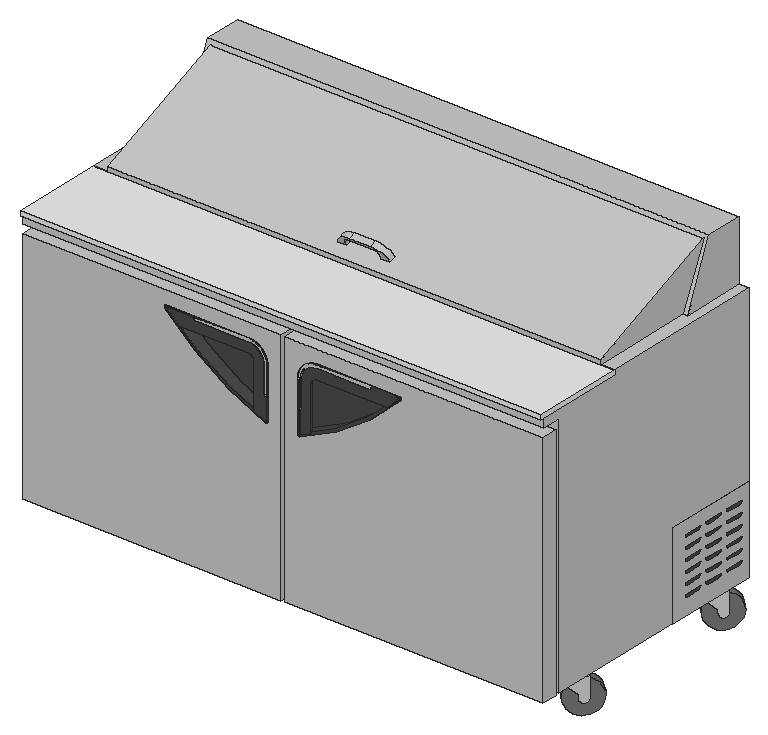
Revit family "QF_Turbo Air_TST-60SD658ab2ba-0372-4836-8cd9-a526e8560eb1", category Specialty Equipment, Revit 2012
Parameters
  Weight in Pounds = 316
  Watermarked By = "http://revitwatermark.com"
  Volts = 115 V
  URL Cutsheet = ""
  URL = "www.turboairinc.com"
  Status [instance] = ""
  Specification by User [instance] = ""
  Specification by Manufacturer [instance] = ""
  Serial Number [instance] = ""
  Revision Code [instance] = ""
  Phase = 1
  Number of Poles [instance] = 1
  NAFEM Spec ID Number [instance] = ""
  Model = "TST-60SD"
  Masterspec [instance] = ""
  Manufacturer = "Turbo Air"  # constant formula
  Legs [instance] = [6 inch Legs]  # no
  Item Number [instance] = "-"
  Installed By [instance] = ""
  HP = "1/2"
  Furnished By [instance] = ""
  Foodservice Equipment Identifier = yes
  FL Amps = 8.9 A
  Electrical Remarks [instance] = ""
  Electric Connection Type [instance] = ""
  Elec Conn RI Height [instance] = 0' - 0"
  Elec Conn Connection Height = 1' - 0"
  Description = "Sandwich/Salad Unit"
  Cycle = 60 Hz
  Conn Plug = "NEMA 5-15P"
  Casters [instance] = not(Legs)  # yes
  CasterLeg Height [instance] = if([4 inch Casters], 0' 5", if([5 inch Casters], 0' 5 3/4", if([2_5 inch Casters], 0' 3 3/8", 0' 6")))  # 0' - 5"
  CSI MasterFormat = "11 41 13"
  Assembly Code = "E1090320"
  Apparent Power = if(Phase = 3, Volts * FL Amps * 1.73, Volts * FL Amps)  # 1023.5 VA
  6 inch Legs [instance] = no
  5 inch Casters [instance] = no
  4 inch Casters [instance] = yes
  2_5 inch Casters [instance] = no
Reference planes (in)
  plane 1 "BACK": y = 0
  plane 2: z = 0
  plane 3 "LEFT": x = -20.78844
  plane 4 "Bottom": z = 5
  plane 5 "Back Stops": y = 1
  plane 6 "RIGHT": x = 39.46156
  plane 7 "Front of Lid": y = -19.375
  plane 8 "FRONT": y = -30
  plane 9 "Door Clearance": y = -57.75
  plane 10 "Back of Door": y = -27.875
  plane 11 "Front of Box": y = -27.375
  plane 12 "Counter Top": z = 35
  plane 13 "TOP": z = 42
  plane 14 "Top of Door": z = 32.5
  plane 15 "Bottom of Cutting Board": z = 34.5
  plane 16 "Handle LR": x = 9.33656
  plane 17 "Lid Clearance": z = 45.5
  plane 18 "Left Lid Cover": x = -19.66344
  plane 19 "Right of Lid Cover": x = 38.33656
  plane 20 "Left of Lid": x = -19.16344
  plane 21 "Right of Lid": x = 37.83656
  plane 22 "Left of Right Door": x = 9.52406
  plane 23 "Right of Left Door": x = 9.14906
Forms (in)
  Extrusion 1, solid, material "QF_Finishes_Stainless Steel"
    sketch origin (-20.78844, 0, 0) x (0, 1, 0) y (0, 0, 1)
      loop
        line (0, 5) -> (0, 35) -> (-19.375, 35) -> (-19.375, 34.5) -> (-29.625, 34.5) -> (-29.625, 33.5) -> (-27.375, 33.5) -> (-27.375, 5) -> (0, 5)
    from 0 to 60.25
  Extrusion 2, solid, material "QF_Finishes_Black"
    sketch origin (0, -27.375, 0) x (1, 0, 0) y (0, 0, 1)
      loop
        line (-19.78844, 31.5) -> (-19.78844, 6) -> (8.14906, 6) -> (8.14906, 31.5) -> (-19.78844, 31.5)
      loop
        line (38.46156, 6) -> (38.46156, 31.5) -> (10.52406, 31.5) -> (10.52406, 6) -> (38.46156, 6)
    from 0 to 0.5
  Extrusion 3, solid, material "QF_Finishes_Stainless Steel"
    sketch origin (-19.66344, 0, 0) x (0, 1, 0) y (0, 0, 1)
      loop
        line (0, 35) -> (0, 42) -> (-4.25, 42) -> (-7.375, 35) -> (0, 35)
    from 0 to 58
  Extrusion 4, solid, material "QF_Finishes_White"
    sketch origin (0, 0, 34.5) x (0, 1, 0) y (-1, 0, 0)
      loop
        line (-19.375, 20.78844) -> (-30, 20.78844) -> (-30, -39.46156) -> (-19.375, -39.46156) -> (-19.375, 20.78844)
    from 0 to 0.5
  Extrusion 5, solid, material "QF_Finishes_Stainless Steel"
    sketch origin (-19.16344, 0, 0) x (0, 1, 0) y (0, 0, 1)
      loop
        line (-19.375, 35) -> (-7.375, 35) -> (-4.45383, 41.54343) -> (-19.375, 35.5) -> (-19.375, 35)
    from 0 to 57
  Extrusion 6, solid, material "QF_Finishes_Stainless Steel"
    sketch origin (-8.25, -2.56728, -1.00345) x (1, 0, 0) y (0, -0.375401, 0.926862)
      loop
        line (19.58656, 40.14331) -> (20.58656, 40.14331)
        arc (20.58656, 40.14331) -> (19.91185, 41.04872) -> (18.83656, 41.39331) r 1.85
        line (18.83656, 41.39331) -> (16.33656, 41.39331)
        arc (16.33656, 41.39331) -> (15.26127, 41.04872) -> (14.58656, 40.14331) r 1.85
        line (14.58656, 40.14331) -> (15.58656, 40.14331) -> (15.58656, 40.64331)
        arc (15.58656, 40.64331) -> (15.73301, 40.99687) -> (16.08656, 41.14331) r 0.5
        line (16.08656, 41.14331) -> (19.08656, 41.14331)
        arc (19.08656, 41.14331) -> (19.44011, 40.99687) -> (19.58656, 40.64331) r 0.5
        line (19.58656, 40.64331) -> (19.58656, 40.14331)
    from -0.375 to 0.375
  Extrusion 7, solid, material "QF_Finishes_Clearances", detail levels coarse
    sketch origin (-19.16344, 0, 0) x (0, 1, 0) y (0, 0, 1)
      loop
        arc (-9.375, 45.5) -> (-16.44607, 42.57107) -> (-19.375, 35.5) r 10
        line (-19.375, 35.5) -> (-4.45383, 41.54343) -> (-8.87792, 45.446) -> (-9.375, 45.5)
    from 0 to 57
  Extrusion 8, void
    sketch origin (39.46156, 0, 0) x (0, 1, 0) y (0, 0, 1)
      loop
        line (0, 5) -> (0, 15) -> (-11, 15) -> (-11, 5) -> (0, 5)
    from 0 to -1
  Extrusion 9, solid, material "QF_Finishes_Stainless Steel"
    sketch origin (39.46156, 0, 0) x (0, 1, 0) y (0, 0, 1)
      loop
        line (-10.875, 14.875) -> (-10.875, 5) -> (0, 5) -> (0, 14.875) -> (-10.875, 14.875)
      loop
        arc (-9.25, 13.5) -> (-9.10355, 13.14645) -> (-8.75, 13) r 0.5
        line (-8.75, 13) -> (-7.25, 13)
        arc (-7.25, 13) -> (-6.89645, 13.14645) -> (-6.75, 13.5) r 0.5
        line (-6.75, 13.5) -> (-9.25, 13.5)
      loop
        arc (-6.25, 13.5) -> (-6.10355, 13.14645) -> (-5.75, 13) r 0.5
        line (-5.75, 13) -> (-4.25, 13)
        arc (-4.25, 13) -> (-3.89645, 13.14645) -> (-3.75, 13.5) r 0.5
        line (-3.75, 13.5) -> (-6.25, 13.5)
      loop
        arc (-3.25, 13.5) -> (-3.10355, 13.14645) -> (-2.75, 13) r 0.5
        line (-2.75, 13) -> (-1.25, 13)
        arc (-1.25, 13) -> (-0.89645, 13.14645) -> (-0.75, 13.5) r 0.5
        line (-0.75, 13.5) -> (-3.25, 13.5)
      loop
        arc (-9.25, 12.25) -> (-9.10355, 11.89645) -> (-8.75, 11.75) r 0.5
        line (-8.75, 11.75) -> (-7.25, 11.75)
        arc (-7.25, 11.75) -> (-6.89645, 11.89645) -> (-6.75, 12.25) r 0.5
        line (-6.75, 12.25) -> (-9.25, 12.25)
      loop
        arc (-6.25, 12.25) -> (-6.10355, 11.89645) -> (-5.75, 11.75) r 0.5
        line (-5.75, 11.75) -> (-4.25, 11.75)
        arc (-4.25, 11.75) -> (-3.89645, 11.89645) -> (-3.75, 12.25) r 0.5
        line (-3.75, 12.25) -> (-6.25, 12.25)
      loop
        arc (-3.25, 12.25) -> (-3.10355, 11.89645) -> (-2.75, 11.75) r 0.5
        line (-2.75, 11.75) -> (-1.25, 11.75)
        arc (-1.25, 11.75) -> (-0.89645, 11.89645) -> (-0.75, 12.25) r 0.5
        line (-0.75, 12.25) -> (-3.25, 12.25)
      loop
        arc (-9.25, 11) -> (-9.10355, 10.64645) -> (-8.75, 10.5) r 0.5
        line (-8.75, 10.5) -> (-7.25, 10.5)
        arc (-7.25, 10.5) -> (-6.89645, 10.64645) -> (-6.75, 11) r 0.5
        line (-6.75, 11) -> (-9.25, 11)
      loop
        arc (-6.25, 11) -> (-6.10355, 10.64645) -> (-5.75, 10.5) r 0.5
        line (-5.75, 10.5) -> (-4.25, 10.5)
        arc (-4.25, 10.5) -> (-3.89645, 10.64645) -> (-3.75, 11) r 0.5
        line (-3.75, 11) -> (-6.25, 11)
      loop
        arc (-3.25, 11) -> (-3.10355, 10.64645) -> (-2.75, 10.5) r 0.5
        line (-2.75, 10.5) -> (-1.25, 10.5)
        arc (-1.25, 10.5) -> (-0.89645, 10.64645) -> (-0.75, 11) r 0.5
        line (-0.75, 11) -> (-3.25, 11)
      loop
        arc (-9.25, 9.75) -> (-9.10355, 9.39645) -> (-8.75, 9.25) r 0.5
        line (-8.75, 9.25) -> (-7.25, 9.25)
        arc (-7.25, 9.25) -> (-6.89645, 9.39645) -> (-6.75, 9.75) r 0.5
        line (-6.75, 9.75) -> (-9.25, 9.75)
      loop
        arc (-6.25, 9.75) -> (-6.10355, 9.39645) -> (-5.75, 9.25) r 0.5
        line (-5.75, 9.25) -> (-4.25, 9.25)
        arc (-4.25, 9.25) -> (-3.89645, 9.39645) -> (-3.75, 9.75) r 0.5
        line (-3.75, 9.75) -> (-6.25, 9.75)
      loop
        arc (-3.25, 9.75) -> (-3.10355, 9.39645) -> (-2.75, 9.25) r 0.5
        line (-2.75, 9.25) -> (-1.25, 9.25)
        arc (-1.25, 9.25) -> (-0.89645, 9.39645) -> (-0.75, 9.75) r 0.5
        line (-0.75, 9.75) -> (-3.25, 9.75)
      loop
        arc (-9.25, 8.5) -> (-9.10355, 8.14645) -> (-8.75, 8) r 0.5
        line (-8.75, 8) -> (-7.25, 8)
        arc (-7.25, 8) -> (-6.89645, 8.14645) -> (-6.75, 8.5) r 0.5
        line (-6.75, 8.5) -> (-9.25, 8.5)
      loop
        arc (-6.25, 8.5) -> (-6.10355, 8.14645) -> (-5.75, 8) r 0.5
        line (-5.75, 8) -> (-4.25, 8)
        arc (-4.25, 8) -> (-3.89645, 8.14645) -> (-3.75, 8.5) r 0.5
        line (-3.75, 8.5) -> (-6.25, 8.5)
      loop
        arc (-3.25, 8.5) -> (-3.10355, 8.14645) -> (-2.75, 8) r 0.5
        line (-2.75, 8) -> (-1.25, 8)
        arc (-1.25, 8) -> (-0.89645, 8.14645) -> (-0.75, 8.5) r 0.5
        line (-0.75, 8.5) -> (-3.25, 8.5)
      loop
        arc (-9.25, 7.25) -> (-9.10355, 6.89645) -> (-8.75, 6.75) r 0.5
        line (-8.75, 6.75) -> (-7.25, 6.75)
        arc (-7.25, 6.75) -> (-6.89645, 6.89645) -> (-6.75, 7.25) r 0.5
        line (-6.75, 7.25) -> (-9.25, 7.25)
      loop
        arc (-6.25, 7.25) -> (-6.10355, 6.89645) -> (-5.75, 6.75) r 0.5
        line (-5.75, 6.75) -> (-4.25, 6.75)
        arc (-4.25, 6.75) -> (-3.89645, 6.89645) -> (-3.75, 7.25) r 0.5
        line (-3.75, 7.25) -> (-6.25, 7.25)
      loop
        arc (-3.25, 7.25) -> (-3.10355, 6.89645) -> (-2.75, 6.75) r 0.5
        line (-2.75, 6.75) -> (-1.25, 6.75)
        arc (-1.25, 6.75) -> (-0.89645, 6.89645) -> (-0.75, 7.25) r 0.5
        line (-0.75, 7.25) -> (-3.25, 7.25)
    from 0 to -1
  Extrusion 10, solid, material "QF_Finishes_Black"
    sketch origin (39.46156, 0, 0) x (0, 1, 0) y (0, 0, 1)
      loop
        line (-9.875, 13.95221) -> (-9.875, 6.20221) -> (-0.375, 6.20221) -> (-0.375, 13.95221) -> (-9.875, 13.95221)
    from -0.125 to -1
  Extrusion 11, solid, material "QF_Finishes_Black"
    sketch origin (0, 0, 0) x (1, 0, 0) y (0, 0, 1)
      loop
        circle (-14.66344, 30.1875) r 0.5
      loop
        circle (33.33656, 30.1875) r 0.5
    from 0 to -1
  Extrusion 12, solid, material "QF_Finishes_Stainless Steel"
    sketch origin (0, 0, 0) x (1, 0, 0) y (0, 0, 1)
      loop
        circle (35.46156, 11.125) r 0.25
    from 0 to -0.0625
Cuts and joins
  Extrusion 8 cuts Extrusion 1
Lines and regions (in)
  symbolic lines
    curve 1: line (-20.78844, 0, 35) -> (39.46156, 0, 35)
    curve 2: line (-20.78844, -30, 35) -> (-20.78844, 0, 35)
    curve 3: line (39.46156, -30, 35) -> (-20.78844, -30, 35)
    curve 4: line (39.46156, 0, 35) -> (39.46156, -30, 35)
    curve 5: line (-20.78844, -19.375, 35) -> (39.46156, -19.375, 35)
    curve 6: line (33.58656, 1, 35) -> (34.58656, 1, 35)
    curve 7: line (-15.91344, 1, 35) -> (-14.91344, 1, 35)
    curve 8: line (-15.91344, 1, 35) -> (-15.91344, 0, 35)
    curve 9: line (-14.91344, 1, 35) -> (-14.91344, 0, 35)
    curve 10: line (33.58656, 1, 35) -> (33.58656, 0, 35)
    curve 11: line (34.58656, 1, 35) -> (34.58656, 0, 35)
    curve 12: line (7.33656, -17.28956, 35) -> (6.33656, -17.28956, 35)
    curve 13: line (6.33656, -17.28956, 35) -> (6.33656, -17.98471, 35)
    curve 14: line (7.33656, -17.47726, 35) -> (7.33656, -17.28956, 35)
    curve 15: line (10.58656, -18.45396, 35) -> (8.08656, -18.45396, 35)
    curve 16: line (10.83656, -17.66496, 35) -> (7.83656, -17.66496, 35)
    curve 17: line (11.33656, -17.28956, 35) -> (11.33656, -17.47726, 35)
    curve 18: line (12.33656, -17.28956, 35) -> (11.33656, -17.28956, 35)
    curve 19: line (12.33656, -17.98471, 35) -> (12.33656, -17.28956, 35)
    curve 20: spline (12.33656, -17.98471, 35) -> (12.2653, -18.0513, 35) -> (12.17612, -18.11477, 35) -> (12.06997, -18.17445, 35) -> (11.94798, -18.2297, 35) -> (11.81145, -18.27993, 35) -> (11.66185, -18.3246, 35) -> (11.50077, -18.36324, 35) -> (11.32992, -18.39543, 35) -> (11.15114, -18.42083, 35) -> (10.96633, -18.43917, 35) -> (10.77746, -18.45025, 35) -> (10.58656, -18.45396, 35)
    curve 21: spline (7.83656, -17.66496, 35) -> (7.7713, -17.66336, 35) -> (7.70715, -17.65857, 35) -> (7.64522, -17.65067, 35) -> (7.58656, -17.63981, 35) -> (7.53218, -17.62617, 35) -> (7.48301, -17.60998, 35) -> (7.43988, -17.59153, 35) -> (7.40355, -17.57111, 35) -> (7.37462, -17.54909, 35) -> (7.3536, -17.52584, 35) -> (7.34084, -17.50176, 35) -> (7.33656, -17.47726, 35)
    curve 22: spline (11.33656, -17.47726, 35) -> (11.33228, -17.50176, 35) -> (11.31952, -17.52584, 35) -> (11.2985, -17.54909, 35) -> (11.26957, -17.57111, 35) -> (11.23324, -17.59153, 35) -> (11.19011, -17.60998, 35) -> (11.14094, -17.62617, 35) -> (11.08656, -17.63981, 35) -> (11.0279, -17.65067, 35) -> (10.96597, -17.65857, 35) -> (10.90182, -17.66336, 35) -> (10.83656, -17.66496, 35)
    curve 23: spline (8.08656, -18.45396, 35) -> (7.89566, -18.45025, 35) -> (7.70679, -18.43917, 35) -> (7.52198, -18.42083, 35) -> (7.3432, -18.39543, 35) -> (7.17235, -18.36324, 35) -> (7.01127, -18.3246, 35) -> (6.86167, -18.27993, 35) -> (6.72514, -18.2297, 35) -> (6.60315, -18.17445, 35) -> (6.497, -18.11477, 35) -> (6.40782, -18.0513, 35) -> (6.33656, -17.98471, 35)
    curve 40: line (-19.66344, 0, 35) -> (-19.66344, -7.375, 35)
    curve 41: line (38.33656, -7.375, 35) -> (38.33656, 0, 35)
    curve 42: line (-19.66344, -4.25, 35) -> (38.33656, -4.25, 35)
    curve 43: line (-19.16344, -4.25, 35) -> (-19.16344, -19.375, 35)
    curve 44: line (37.83656, -19.375, 35) -> (37.83656, -4.25, 35)
    curve 49: line (37.83656, -7.375, 35) -> (38.33656, -7.375, 35)
    curve 50: line (-19.16344, -7.375, 35) -> (-19.66344, -7.375, 35)
  symbolic lines, style "QF_Surface Details"
    curve 24: line (8.96156, -10.41441, 35) -> (8.96156, -6.42258, 35)
    curve 25: line (2.96156, -10.41441, 35) -> (2.96156, -6.42258, 35)
    curve 26: line (3.96156, -5.42258, 35) -> (7.96156, -5.42258, 35)
    curve 27: line (3.96156, -11.41441, 35) -> (7.96156, -11.41441, 35)
    curve 28: arc (7.96156, -5.42258, 35) -> (8.66867, -5.71547, 35) -> (8.96156, -6.42258, 35) r 1
    curve 29: arc (3.96156, -5.42258, 35) -> (3.25445, -5.71547, 35) -> (2.96156, -6.42258, 35) r 1
    curve 30: arc (2.96156, -10.41441, 35) -> (3.25445, -11.12152, 35) -> (3.96156, -11.41441, 35) r 1
    curve 31: arc (7.96156, -11.41441, 35) -> (8.66867, -11.12152, 35) -> (8.96156, -10.41441, 35) r 1
    curve 32: line (8.96156, -13.41441, 35) -> (8.96156, -17.40625, 35)
    curve 33: line (2.96156, -13.41441, 35) -> (2.96156, -17.40625, 35)
    curve 34: line (3.96156, -18.40625, 35) -> (7.96156, -18.40625, 35)
    curve 35: line (3.96156, -12.41441, 35) -> (7.96156, -12.41441, 35)
    curve 36: arc (7.96156, -18.40625, 35) -> (8.66867, -18.11336, 35) -> (8.96156, -17.40625, 35) r 1
    curve 37: arc (3.96156, -18.40625, 35) -> (3.25445, -18.11336, 35) -> (2.96156, -17.40625, 35) r 1
    curve 38: arc (2.96156, -13.41441, 35) -> (3.25445, -12.70731, 35) -> (3.96156, -12.41441, 35) r 1
    curve 39: arc (7.96156, -12.41441, 35) -> (8.66867, -12.70731, 35) -> (8.96156, -13.41441, 35) r 1
    curve 51: line (2.21156, -10.41441, 35) -> (2.21156, -6.42258, 35)
    curve 52: line (-3.78844, -10.41441, 35) -> (-3.78844, -6.42258, 35)
    curve 53: line (-2.78844, -5.42258, 35) -> (1.21156, -5.42258, 35)
    curve 54: line (-2.78844, -11.41441, 35) -> (1.21156, -11.41441, 35)
    curve 55: arc (1.21156, -5.42258, 35) -> (1.91867, -5.71547, 35) -> (2.21156, -6.42258, 35) r 1
    curve 56: arc (-2.78844, -5.42258, 35) -> (-3.49555, -5.71547, 35) -> (-3.78844, -6.42258, 35) r 1
    curve 57: arc (-3.78844, -10.41441, 35) -> (-3.49555, -11.12152, 35) -> (-2.78844, -11.41441, 35) r 1
    curve 58: arc (1.21156, -11.41441, 35) -> (1.91867, -11.12152, 35) -> (2.21156, -10.41441, 35) r 1
    curve 59: line (2.21156, -13.41441, 35) -> (2.21156, -17.40625, 35)
    curve 60: line (-3.78844, -13.41441, 35) -> (-3.78844, -17.40625, 35)
    curve 61: line (-2.78844, -18.40625, 35) -> (1.21156, -18.40625, 35)
    curve 62: line (-2.78844, -12.41441, 35) -> (1.21156, -12.41441, 35)
    curve 63: arc (1.21156, -18.40625, 35) -> (1.91867, -18.11336, 35) -> (2.21156, -17.40625, 35) r 1
    curve 64: arc (-2.78844, -18.40625, 35) -> (-3.49555, -18.11336, 35) -> (-3.78844, -17.40625, 35) r 1
    curve 65: arc (-3.78844, -13.41441, 35) -> (-3.49555, -12.70731, 35) -> (-2.78844, -12.41441, 35) r 1
    curve 66: arc (1.21156, -12.41441, 35) -> (1.91867, -12.70731, 35) -> (2.21156, -13.41441, 35) r 1
    curve 67: line (-4.53844, -10.41441, 35) -> (-4.53844, -6.42258, 35)
    curve 68: line (-10.53844, -10.41441, 35) -> (-10.53844, -6.42258, 35)
    curve 69: line (-9.53844, -5.42258, 35) -> (-5.53844, -5.42258, 35)
    curve 70: line (-9.53844, -11.41441, 35) -> (-5.53844, -11.41441, 35)
    curve 71: arc (-5.53844, -5.42258, 35) -> (-4.83133, -5.71547, 35) -> (-4.53844, -6.42258, 35) r 1
    curve 72: arc (-9.53844, -5.42258, 35) -> (-10.24555, -5.71547, 35) -> (-10.53844, -6.42258, 35) r 1
    curve 73: arc (-10.53844, -10.41441, 35) -> (-10.24555, -11.12152, 35) -> (-9.53844, -11.41441, 35) r 1
    curve 74: arc (-5.53844, -11.41441, 35) -> (-4.83133, -11.12152, 35) -> (-4.53844, -10.41441, 35) r 1
    curve 75: line (-4.53844, -13.41441, 35) -> (-4.53844, -17.40625, 35)
    curve 76: line (-10.53844, -13.41441, 35) -> (-10.53844, -17.40625, 35)
    curve 77: line (-9.53844, -18.40625, 35) -> (-5.53844, -18.40625, 35)
    curve 78: line (-9.53844, -12.41441, 35) -> (-5.53844, -12.41441, 35)
    curve 79: arc (-5.53844, -18.40625, 35) -> (-4.83133, -18.11336, 35) -> (-4.53844, -17.40625, 35) r 1
    curve 80: arc (-9.53844, -18.40625, 35) -> (-10.24555, -18.11336, 35) -> (-10.53844, -17.40625, 35) r 1
    curve 81: arc (-10.53844, -13.41441, 35) -> (-10.24555, -12.70731, 35) -> (-9.53844, -12.41441, 35) r 1
    curve 82: arc (-5.53844, -12.41441, 35) -> (-4.83133, -12.70731, 35) -> (-4.53844, -13.41441, 35) r 1
    curve 83: line (-11.28844, -10.41441, 35) -> (-11.28844, -6.42258, 35)
    curve 84: line (-17.28844, -10.41441, 35) -> (-17.28844, -6.42258, 35)
    curve 85: line (-16.28844, -5.42258, 35) -> (-12.28844, -5.42258, 35)
    curve 86: line (-16.28844, -11.41441, 35) -> (-12.28844, -11.41441, 35)
    curve 87: arc (-12.28844, -5.42258, 35) -> (-11.58133, -5.71547, 35) -> (-11.28844, -6.42258, 35) r 1
    curve 88: arc (-16.28844, -5.42258, 35) -> (-16.99555, -5.71547, 35) -> (-17.28844, -6.42258, 35) r 1
    curve 89: arc (-17.28844, -10.41441, 35) -> (-16.99555, -11.12152, 35) -> (-16.28844, -11.41441, 35) r 1
    curve 90: arc (-12.28844, -11.41441, 35) -> (-11.58133, -11.12152, 35) -> (-11.28844, -10.41441, 35) r 1
    curve 91: line (-11.28844, -13.41441, 35) -> (-11.28844, -17.40625, 35)
    curve 92: line (-17.28844, -13.41441, 35) -> (-17.28844, -17.40625, 35)
    curve 93: line (-16.28844, -18.40625, 35) -> (-12.28844, -18.40625, 35)
    curve 94: line (-16.28844, -12.41441, 35) -> (-12.28844, -12.41441, 35)
    curve 95: arc (-12.28844, -18.40625, 35) -> (-11.58133, -18.11336, 35) -> (-11.28844, -17.40625, 35) r 1
    curve 96: arc (-16.28844, -18.40625, 35) -> (-16.99555, -18.11336, 35) -> (-17.28844, -17.40625, 35) r 1
    curve 97: arc (-17.28844, -13.41441, 35) -> (-16.99555, -12.70731, 35) -> (-16.28844, -12.41441, 35) r 1
    curve 98: arc (-12.28844, -12.41441, 35) -> (-11.58133, -12.70731, 35) -> (-11.28844, -13.41441, 35) r 1
    curve 99: line (16.46156, -10.41441, 35) -> (16.46156, -6.42258, 35)
    curve 100: line (22.46156, -10.41441, 35) -> (22.46156, -6.42258, 35)
    curve 101: line (21.46156, -5.42258, 35) -> (17.46156, -5.42258, 35)
    curve 102: line (21.46156, -11.41441, 35) -> (17.46156, -11.41441, 35)
    curve 103: arc (17.46156, -5.42258, 35) -> (16.75445, -5.71547, 35) -> (16.46156, -6.42258, 35) r 1
    curve 104: arc (21.46156, -5.42258, 35) -> (22.16867, -5.71547, 35) -> (22.46156, -6.42258, 35) r 1
    curve 105: arc (22.46156, -10.41441, 35) -> (22.16867, -11.12152, 35) -> (21.46156, -11.41441, 35) r 1
    curve 106: arc (17.46156, -11.41441, 35) -> (16.75445, -11.12152, 35) -> (16.46156, -10.41441, 35) r 1
    curve 107: line (16.46156, -13.41441, 35) -> (16.46156, -17.40625, 35)
    curve 108: line (22.46156, -13.41441, 35) -> (22.46156, -17.40625, 35)
    curve 109: line (21.46156, -18.40625, 35) -> (17.46156, -18.40625, 35)
    curve 110: line (21.46156, -12.41441, 35) -> (17.46156, -12.41441, 35)
    curve 111: arc (17.46156, -18.40625, 35) -> (16.75445, -18.11336, 35) -> (16.46156, -17.40625, 35) r 1
    curve 112: arc (21.46156, -18.40625, 35) -> (22.16867, -18.11336, 35) -> (22.46156, -17.40625, 35) r 1
    curve 113: arc (22.46156, -13.41441, 35) -> (22.16867, -12.70731, 35) -> (21.46156, -12.41441, 35) r 1
    curve 114: arc (17.46156, -12.41441, 35) -> (16.75445, -12.70731, 35) -> (16.46156, -13.41441, 35) r 1
    curve 115: line (23.21156, -10.41441, 35) -> (23.21156, -6.42258, 35)
    curve 116: line (29.21156, -10.41441, 35) -> (29.21156, -6.42258, 35)
    curve 117: line (28.21156, -5.42258, 35) -> (24.21156, -5.42258, 35)
    curve 118: line (28.21156, -11.41441, 35) -> (24.21156, -11.41441, 35)
    curve 119: arc (24.21156, -5.42258, 35) -> (23.50445, -5.71547, 35) -> (23.21156, -6.42258, 35) r 1
    curve 120: arc (28.21156, -5.42258, 35) -> (28.91867, -5.71547, 35) -> (29.21156, -6.42258, 35) r 1
    curve 121: arc (29.21156, -10.41441, 35) -> (28.91867, -11.12152, 35) -> (28.21156, -11.41441, 35) r 1
    curve 122: arc (24.21156, -11.41441, 35) -> (23.50445, -11.12152, 35) -> (23.21156, -10.41441, 35) r 1
    curve 123: line (23.21156, -13.41441, 35) -> (23.21156, -17.40625, 35)
    curve 124: line (29.21156, -13.41441, 35) -> (29.21156, -17.40625, 35)
    curve 125: line (28.21156, -18.40625, 35) -> (24.21156, -18.40625, 35)
    curve 126: line (28.21156, -12.41441, 35) -> (24.21156, -12.41441, 35)
    curve 127: arc (24.21156, -18.40625, 35) -> (23.50445, -18.11336, 35) -> (23.21156, -17.40625, 35) r 1
    curve 128: arc (28.21156, -18.40625, 35) -> (28.91867, -18.11336, 35) -> (29.21156, -17.40625, 35) r 1
    curve 129: arc (29.21156, -13.41441, 35) -> (28.91867, -12.70731, 35) -> (28.21156, -12.41441, 35) r 1
    curve 130: arc (24.21156, -12.41441, 35) -> (23.50445, -12.70731, 35) -> (23.21156, -13.41441, 35) r 1
    curve 131: line (29.96156, -10.41441, 35) -> (29.96156, -6.42258, 35)
    curve 132: line (35.96156, -10.41441, 35) -> (35.96156, -6.42258, 35)
    curve 133: line (34.96156, -5.42258, 35) -> (30.96156, -5.42258, 35)
    curve 134: line (34.96156, -11.41441, 35) -> (30.96156, -11.41441, 35)
    curve 135: arc (30.96156, -5.42258, 35) -> (30.25445, -5.71547, 35) -> (29.96156, -6.42258, 35) r 1
    curve 136: arc (34.96156, -5.42258, 35) -> (35.66867, -5.71547, 35) -> (35.96156, -6.42258, 35) r 1
    curve 137: arc (35.96156, -10.41441, 35) -> (35.66867, -11.12152, 35) -> (34.96156, -11.41441, 35) r 1
    curve 138: arc (30.96156, -11.41441, 35) -> (30.25445, -11.12152, 35) -> (29.96156, -10.41441, 35) r 1
    curve 139: line (29.96156, -13.41441, 35) -> (29.96156, -17.40625, 35)
    curve 140: line (35.96156, -13.41441, 35) -> (35.96156, -17.40625, 35)
    curve 141: line (34.96156, -18.40625, 35) -> (30.96156, -18.40625, 35)
    curve 142: line (34.96156, -12.41441, 35) -> (30.96156, -12.41441, 35)
    curve 143: arc (30.96156, -18.40625, 35) -> (30.25445, -18.11336, 35) -> (29.96156, -17.40625, 35) r 1
    curve 144: arc (34.96156, -18.40625, 35) -> (35.66867, -18.11336, 35) -> (35.96156, -17.40625, 35) r 1
    curve 145: arc (35.96156, -13.41441, 35) -> (35.66867, -12.70731, 35) -> (34.96156, -12.41441, 35) r 1
    curve 146: arc (30.96156, -12.41441, 35) -> (30.25445, -12.70731, 35) -> (29.96156, -13.41441, 35) r 1
    curve 147: line (9.71156, -10.41441, 35) -> (9.71156, -6.42258, 35)
    curve 148: line (15.71156, -10.41441, 35) -> (15.71156, -6.42258, 35)
    curve 149: line (14.71156, -5.42258, 35) -> (10.71156, -5.42258, 35)
    curve 150: line (14.71156, -11.41441, 35) -> (10.71156, -11.41441, 35)
    curve 151: arc (10.71156, -5.42258, 35) -> (10.00445, -5.71547, 35) -> (9.71156, -6.42258, 35) r 1
    curve 152: arc (14.71156, -5.42258, 35) -> (15.41867, -5.71547, 35) -> (15.71156, -6.42258, 35) r 1
    curve 153: arc (15.71156, -10.41441, 35) -> (15.41867, -11.12152, 35) -> (14.71156, -11.41441, 35) r 1
    curve 154: arc (10.71156, -11.41441, 35) -> (10.00445, -11.12152, 35) -> (9.71156, -10.41441, 35) r 1
    curve 155: line (9.71156, -13.41441, 35) -> (9.71156, -17.40625, 35)
    curve 156: line (15.71156, -13.41441, 35) -> (15.71156, -17.40625, 35)
    curve 157: line (14.71156, -18.40625, 35) -> (10.71156, -18.40625, 35)
    curve 158: line (14.71156, -12.41441, 35) -> (10.71156, -12.41441, 35)
    curve 159: arc (10.71156, -18.40625, 35) -> (10.00445, -18.11336, 35) -> (9.71156, -17.40625, 35) r 1
    curve 160: arc (14.71156, -18.40625, 35) -> (15.41867, -18.11336, 35) -> (15.71156, -17.40625, 35) r 1
    curve 161: arc (15.71156, -13.41441, 35) -> (15.41867, -12.70731, 35) -> (14.71156, -12.41441, 35) r 1
    curve 162: arc (10.71156, -12.41441, 35) -> (10.00445, -12.70731, 35) -> (9.71156, -13.41441, 35) r 1
  symbolic lines, style "QF_Clearances", detail levels coarse
    curve 45: line (-20.78844, -30, 35) -> (-20.78844, -57.75, 35)
    curve 46: arc (-20.78844, -57.75, 35) -> (-0.38623, -49.74432, 35) -> (9.12707, -30, 35) r 30
    curve 47: line (39.46156, -30, 35) -> (39.46156, -57.75, 35)
    curve 48: arc (39.46156, -57.75, 35) -> (19.05935, -49.74432, 35) -> (9.54605, -30, 35) r 30
Dimensions and locks (in)
  "CasterLeg Height": plane 4 "Bottom" to plane 2
  locked: plane 1 "BACK" to plane 5 "Back Stops" at 1
  locked: plane 6 "RIGHT" to plane 3 "LEFT" at 60.25
  locked: plane 7 "Front of Lid" to plane 1 "BACK" at 19.375
  locked: plane 8 "FRONT" to plane 1 "BACK" at 30
  locked: plane 10 "Back of Door" to plane 1 "BACK" at 27.875
  locked: plane 10 "Back of Door" to plane 11 "Front of Box" at 0.5
  locked: plane 9 "Door Clearance" to plane 1 "BACK" at 57.75
  locked: plane 13 "TOP" to plane 12 "Counter Top" at 7
  locked: plane 12 "Counter Top" to plane 4 "Bottom" at 30
  locked: plane 12 "Counter Top" to plane 15 "Bottom of Cutting Board" at 0.5
  locked: plane 14 "Top of Door" to plane 4 "Bottom" at 27.5
  locked: plane 14 "Top of Door" to Extrusion 2 sketch curve at 1  (x2)
  locked: Extrusion 2 sketch curve to plane 3 "LEFT" at 1
  locked: Extrusion 2 sketch curve to plane 4 "Bottom" at 1  (x2)
  locked: Extrusion 2 sketch curve to plane 6 "RIGHT" at 1
  locked: plane 1 "BACK" to Extrusion 3 sketch curve at 4.25
  locked: plane 1 "BACK" to Extrusion 3 sketch curve at 7.375
  locked: plane 17 "Lid Clearance" to plane 12 "Counter Top" at 10.5
  locked: Extrusion 5 sketch curve to plane 12 "Counter Top" at 0.5
  locked: plane 13 "TOP" to Extrusion 5 sketch curve at 0.45657
  locked: plane 1 "BACK" to Extrusion 5 sketch curve at 4.45383
  locked: plane 1 "BACK" to Extrusion 5 sketch curve at 7.375
  locked: Extrusion 6 to plane 12 "Counter Top" at 2.22168
  locked: Extrusion 6 to plane 12 "Counter Top" at 2.50323
  locked: plane 13 "TOP" to Extrusion 7 sketch curve at 0.45657
  locked: plane 17 "Lid Clearance" to Extrusion 7 sketch curve at 0.054
  locked: Extrusion 8 sketch curve to plane 1 "BACK" at 11
  locked: Extrusion 8 sketch curve to plane 4 "Bottom" at 10
  locked: plane 4 "Bottom" to Extrusion 9 sketch curve at 9.875
  locked: Extrusion 9 sketch curve to plane 1 "BACK" at 10.875
  locked: Extrusion 10 sketch curve to Extrusion 10 sketch curve at 7.75
  locked: Extrusion 10 sketch curve to plane 4 "Bottom" at 1.20221
  locked: Extrusion 10 sketch curve to Extrusion 10 sketch curve at 9.5
  locked: Extrusion 10 sketch curve to plane 1 "BACK" at 0.375
  locked: nested 1 to plane 1 "BACK" at 2.5625
  locked: plane 3 "LEFT" to nested 1 at 2.5
  locked: plane 3 "LEFT" to nested 2 at 2.5
  locked: plane 11 "Front of Box" to nested 2 at 4.625
  locked: nested 3 to plane 6 "RIGHT" at 2.5
  locked: nested 4 to plane 6 "RIGHT" at 2.5
  locked: plane 11 "Front of Box" to nested 4 at 4.625
  locked: nested 3 to plane 1 "BACK" at 2.5625
  locked: plane 12 "Counter Top" to Extrusion 11 sketch curve at 4.8125  (x2)
  locked: plane 6 "RIGHT" to Extrusion 11 sketch curve at 6.125
  locked: Extrusion 11 sketch curve to plane 3 "LEFT" at 6.125
  locked: Extrusion 12 sketch curve to plane 4 "Bottom" at 6.125
  locked: plane 6 "RIGHT" to Extrusion 12 sketch curve at 4
  locked: Extrusion 1 sketch curve to plane 15 "Bottom of Cutting Board" at 1
  locked: Extrusion 1 sketch curve to plane 8 "FRONT" at 0.375
  equal spacing: plane 3 "LEFT", plane 16 "Handle LR", plane 6 "RIGHT"
  locked: plane 18 "Left Lid Cover" to plane 20 "Left of Lid" at 0.5
  locked: plane 21 "Right of Lid" to plane 19 "Right of Lid Cover" at 0.5
  plane 23 "Right of Left Door" to plane 16 "Handle LR" to plane 22 "Left of Right Door" = 0' - 0 3/16" locked, 0' - 0 3/16" locked
  locked: Extrusion 2 sketch curve to plane 23 "Right of Left Door" at 1
  locked: Extrusion 2 sketch curve to plane 22 "Left of Right Door" at 1
  locked: plane 3 "LEFT" to plane 18 "Left Lid Cover" at 1.125
  locked: plane 19 "Right of Lid Cover" to plane 6 "RIGHT" at 1.125
  aligned and locked: level to plane 2
  aligned and locked: Extrusion 1 sketch curve to plane 1 "BACK"
  aligned and locked: Extrusion 1 sketch curve to plane 4 "Bottom"
  aligned and locked: plane 11 "Front of Box" to Extrusion 1 sketch curve
  aligned and locked: plane 6 "RIGHT" to Extrusion 1
  aligned and locked: plane 10 "Back of Door" to Extrusion 2
  aligned and locked: Extrusion 1 sketch curve to plane 12 "Counter Top"
  aligned and locked: Extrusion 3 sketch curve to plane 13 "TOP"
  aligned and locked: plane 1 "BACK" to Extrusion 3 sketch curve
  aligned and locked: Extrusion 3 sketch curve to plane 12 "Counter Top"
  aligned and locked: plane 7 "Front of Lid" to Extrusion 4 sketch curve
  aligned and locked: plane 3 "LEFT" to Extrusion 4 sketch curve
  aligned and locked: Extrusion 4 sketch curve to plane 8 "FRONT"
  aligned and locked: Extrusion 4 sketch curve to plane 6 "RIGHT"
  aligned and locked: plane 12 "Counter Top" to Extrusion 4
  aligned and locked: plane 12 "Counter Top" to Extrusion 5 sketch curve
  aligned and locked: plane 7 "Front of Lid" to Extrusion 5 sketch curve
  aligned and locked: Extrusion 6 to Extrusion 5
  aligned and locked: plane 7 "Front of Lid" to Extrusion 7 sketch curve
  aligned and locked: plane 17 "Lid Clearance" to Extrusion 7 sketch curve
  aligned and locked: Extrusion 8 sketch curve to plane 1 "BACK"
  aligned and locked: Extrusion 8 sketch curve to plane 4 "Bottom"
  aligned and locked: Extrusion 11 to plane 5 "Back Stops"
  aligned and locked: plane 1 "BACK" to curve 1
  aligned and locked: curve 4 to plane 6 "RIGHT"
  aligned and locked: plane 3 "LEFT" to curve 2
  aligned and locked: curve 3 to plane 8 "FRONT"
  aligned and locked: curve 6 to Extrusion 11
  aligned and locked: curve 7 to Extrusion 11
  aligned and locked: curve 12 to Extrusion 6
  aligned and locked: curve 13 to Extrusion 6
  aligned and locked: Extrusion 6 to curve 14
  aligned and locked: curve 15 to Extrusion 6
  aligned and locked: curve 16 to Extrusion 6
  aligned and locked: curve 17 to Extrusion 6
  aligned and locked: curve 18 to Extrusion 6
  aligned and locked: curve 19 to Extrusion 6
  aligned and locked: Extrusion 1 sketch curve to plane 7 "Front of Lid"
  aligned and locked: plane 15 "Bottom of Cutting Board" to Extrusion 1 sketch curve
  aligned and locked: plane 19 "Right of Lid Cover" to Extrusion 3
  aligned and locked: plane 21 "Right of Lid" to Extrusion 7
  aligned and locked: plane 21 "Right of Lid" to Extrusion 5
  aligned and locked: curve 40 to Extrusion 3
  aligned and locked: Extrusion 3 to curve 41
  aligned and locked: curve 42 to Extrusion 3
  aligned and locked: curve 43 to Extrusion 7
  aligned and locked: curve 44 to Extrusion 7
  aligned and locked: cut or joined group of Extrusion 1, Extrusion 8 to plane 4 "Bottom"
  aligned and locked: nested 5 to plane 23 "Right of Left Door"
  aligned and locked: nested 5 to plane 4 "Bottom"
  aligned and locked: plane 4 "Bottom" to nested 6
  aligned and locked: plane 6 "RIGHT" to nested 6
  aligned and locked: plane 22 "Left of Right Door" to nested 6
  aligned and locked: plane 3 "LEFT" to nested 5
Automatic sketch dimensions
  plane 1 "BACK" to Extrusion 7 sketch curve = 0' - 9 3/8"
  Extrusion 7 sketch curve to Extrusion 7 sketch curve = 0' - 0.49708"
  plane 1 "BACK" to Extrusion 7 sketch curve = 0' - 4.45383"
  Extrusion 6 sketch curve to plane 23 "Right of Left Door" = 0' - 2 13/16"
  Extrusion 6 sketch curve to Extrusion 6 sketch curve = 0' - 1"  (x2)
  Extrusion 6 sketch curve to Extrusion 6 sketch curve = 0' - 0 1/2"  (x3)
  Extrusion 6 sketch curve to Extrusion 6 sketch curve = 0' - 0 3/4"
  plane 22 "Left of Right Door" to Extrusion 6 sketch curve = 0' - 1 1/16"
  Extrusion 6 sketch curve to Extrusion 6 sketch curve = 0' - 0 1/4"
  Extrusion 6 sketch curve to Extrusion 6 sketch curve = 0' - 0"
  Extrusion 6 sketch curve to Extrusion 6 sketch curve = 0' - 0.6"
  Extrusion 9 sketch curve to plane 1 "BACK" = 0' - 0"
  Extrusion 9 sketch curve to plane 4 "Bottom" = 0' - 0"
  Extrusion 9 sketch curve to Extrusion 9 sketch curve = 0' - 1 5/8"  (x2)
  Extrusion 9 sketch curve to Extrusion 9 sketch curve = 0' - 0"  (x14)
  Extrusion 9 sketch curve to Extrusion 9 sketch curve = 0' - 0 1/2"  (x31)
  Extrusion 9 sketch curve to Extrusion 9 sketch curve = 0' - 1 1/2"  (x5)
  plane 1 "BACK" to Extrusion 9 sketch curve = 0' - 1 1/4"  (x3)
  plane 4 "Bottom" to Extrusion 9 sketch curve = 0' - 1 3/4"  (x2)
  Extrusion 9 sketch curve to Extrusion 9 sketch curve = 0' - 0 3/4"  (x15)
  plane 9 "Door Clearance" to curve 48 = 0' - 0"
  plane 9 "Door Clearance" to curve 46 = 0' - 0"
  plane 7 "Front of Lid" to curve 43 = 0' - 0"
  curve 48 to plane 10 "Back of Door" = 0' - 0 1/8"
  curve 46 to plane 10 "Back of Door" = 0' - 0 1/8"
  curve 93 to plane 7 "Front of Lid" = 0' - 0 31/32"
  curve 143 to plane 7 "Front of Lid" = 0' - 0 31/32"
  curve 157 to plane 7 "Front of Lid" = 0' - 0 31/32"
  curve 61 to plane 7 "Front of Lid" = 0' - 0 31/32"
  curve 128 to plane 7 "Front of Lid" = 0' - 0 31/32"
  curve 80 to plane 7 "Front of Lid" = 0' - 0 31/32"
  curve 37 to plane 7 "Front of Lid" = 0' - 0 31/32"
  curve 109 to plane 7 "Front of Lid" = 0' - 0 31/32"
  curve 19 to curve 18 = 0' - 0.69515"
  curve 23 to curve 12 = 0' - 0.69515"
  plane 22 "Left of Right Door" to curve 23 = 0' - 0.4125"
  curve 23 to curve 16 = 0' - 0.0945"
  curve 20 to curve 16 = 0' - 0.0945"
  curve 14 to curve 12 = 0' - 0.1877"
  curve 17 to curve 17 = 0' - 0.1877"
  curve 125 to curve 124 = 0' - 1"
  curve 64 to curve 64 = 0' - 1"
  curve 32 to plane 23 "Right of Left Door" = 0' - 0 3/16"
  curve 21 to curve 32 = 0' - 0.07101"
  curve 61 to curve 63 = 0' - 1"
  curve 59 to curve 33 = 0' - 0"
  curve 125 to curve 123 = 0' - 1"
  curve 77 to curve 80 = 0' - 1"
  curve 109 to curve 107 = 0' - 1"
  curve 79 to curve 60 = 0' - 0"
  curve 108 to curve 127 = 0' - 0"
  curve 160 to curve 111 = 0' - 0"
  plane 22 "Left of Right Door" to curve 159 = 0' - 0 3/16"
  curve 23 to curve 159 = 0' - 0.35322"
  curve 96 to curve 96 = 0' - 1"
  curve 91 to curve 76 = 0' - 0"
  curve 124 to curve 139 = 0' - 0"  (x2)
  curve 141 to curve 140 = 0' - 1"
  curve 108 to curve 113 = 0' - 3.99184"
  curve 140 to plane 21 "Right of Lid" = 0' - 1 7/8"
  curve 140 to curve 140 = 0' - 3.99184"
  curve 139 to curve 139 = 0' - 3.99184"
  plane 20 "Left of Lid" to curve 92 = 0' - 1 7/8"
  curve 96 to curve 92 = 0' - 3.99184"
  curve 91 to curve 91 = 0' - 3.99184"
  curve 63 to curve 59 = 0' - 3.99184"
  curve 64 to curve 60 = 0' - 3.99184"
  curve 32 to curve 39 = 0' - 3.99184"
  curve 32 to curve 162 = 0' - 0"
  curve 59 to curve 38 = 0' - 0"
  curve 160 to curve 161 = 0' - 3.99184"
  curve 108 to curve 130 = 0' - 0"
  curve 82 to curve 60 = 0' - 0"
  curve 91 to curve 81 = 0' - 0"
  curve 156 to curve 107 = 0' - 0"
  curve 146 to curve 146 = 0' - 1"
  curve 38 to curve 38 = 0' - 1"
  curve 98 to curve 98 = 0' - 1"
  curve 162 to curve 162 = 0' - 1"
  curve 114 to curve 114 = 0' - 1"
  curve 81 to curve 78 = 0' - 1"
  curve 130 to curve 126 = 0' - 1"
  curve 65 to curve 62 = 0' - 1"
  curve 94 to curve 86 = 0' - 1"
  curve 35 to curve 27 = 0' - 1"
  curve 158 to curve 153 = 0' - 1"
  curve 62 to curve 58 = 0' - 1"
  curve 110 to curve 106 = 0' - 1"
  curve 142 to curve 138 = 0' - 1"
  curve 78 to curve 70 = 0' - 1"
  curve 126 to curve 122 = 0' - 1"
  curve 102 to curve 100 = 0' - 1"
  curve 150 to curve 148 = 0' - 1"
  plane 22 "Left of Right Door" to curve 147 = 0' - 0 3/16"
  curve 154 to curve 147 = 0' - 1"
  curve 54 to curve 51 = 0' - 1"
  curve 57 to curve 52 = 0' - 1"
  curve 31 to plane 23 "Right of Left Door" = 0' - 0 3/16"
  curve 31 to curve 154 = 0' - 0"
  curve 51 to curve 30 = 0' - 0"
  curve 86 to curve 90 = 0' - 1"
  curve 102 to curve 106 = 0' - 1"
  curve 86 to curve 89 = 0' - 1"
  curve 67 to curve 52 = 0' - 0"  (x2)
  curve 134 to curve 138 = 0' - 1"
  curve 90 to curve 68 = 0' - 0"
  curve 134 to curve 137 = 0' - 1"
  curve 105 to curve 115 = 0' - 0"
  curve 116 to curve 138 = 0' - 0"
  curve 50 to curve 42 = 0' - 3 1/8"
  curve 49 to curve 42 = 0' - 3 1/8"
  curve 28 to plane 23 "Right of Left Door" = 0' - 1 3/16"
  curve 31 to curve 28 = 0' - 3.99184"
  curve 116 to curve 116 = 0' - 3.99184"
  curve 122 to curve 115 = 0' - 3.99184"
  curve 104 to curve 119 = 0' - 0"
  curve 29 to curve 29 = 0' - 1"
  curve 106 to curve 103 = 0' - 3.99184"
  curve 152 to curve 103 = 0' - 0"
  curve 24 to curve 151 = 0' - 0"
  curve 50 to curve 88 = 0' - 0.95242"
  curve 83 to curve 87 = 0' - 3.99184"
  curve 87 to curve 72 = 0' - 0"
  curve 116 to curve 131 = 0' - 0"
  curve 49 to curve 132 = 0' - 0.95242"
  curve 74 to curve 71 = 0' - 3.99184"
  curve 51 to curve 25 = 0' - 0"
  curve 55 to curve 55 = 0' - 1"
  curve 72 to curve 69 = 0' - 1"
  curve 136 to curve 136 = 0' - 1"
  curve 120 to curve 120 = 0' - 1"
  curve 88 to curve 85 = 0' - 1"
  curve 152 to curve 149 = 0' - 1"
  curve 104 to curve 101 = 0' - 1"
  curve 132 to plane 21 "Right of Lid" = 0' - 1 7/8"
  curve 11 to plane 21 "Right of Lid" = 0' - 3 1/4"
  curve 6 to curve 6 = 0' - 1"
  curve 134 to curve 134 = 0' - 4"
  curve 146 to curve 138 = 0' - 0"
  curve 135 to curve 116 = 0' - 0 3/4"
  curve 139 to curve 124 = 0' - 0 3/4"
  curve 118 to curve 118 = 0' - 4"
  curve 128 to curve 125 = 0' - 4"
  curve 127 to curve 108 = 0' - 0 3/4"
  curve 122 to curve 105 = 0' - 0 3/4"
  curve 101 to curve 101 = 0' - 4"
  curve 112 to curve 109 = 0' - 4"
  curve 103 to curve 148 = 0' - 0 3/4"
  curve 111 to curve 156 = 0' - 0 3/4"
  curve 20 to curve 19 = 0' - 0.1"
  curve 22 to curve 20 = 0' - 0 1/4"
  curve 21 to curve 23 = 0' - 0 1/4"
  curve 27 to curve 27 = 0' - 4"
  curve 13 to curve 34 = 0' - 2 3/8"
  curve 33 to curve 63 = 0' - 0 3/4"
  curve 30 to curve 58 = 0' - 0 3/4"
  curve 55 to curve 56 = 0' - 4"
  curve 65 to curve 54 = 0' - 0"
  curve 52 to curve 67 = 0' - 0 3/4"
  curve 60 to curve 82 = 0' - 0 3/4"
  curve 77 to curve 77 = 0' - 4"
  curve 70 to curve 78 = 0' - 0"
  curve 76 to curve 91 = 0' - 0 3/4"
  curve 73 to curve 90 = 0' - 0 3/4"
  plane 20 "Left of Lid" to curve 9 = 0' - 4 1/4"
  curve 9 to curve 8 = 0' - 1"
  curve 89 to curve 94 = 0' - 0"
  radius of Extrusion 11 sketch curve = 0' - 0 1/2"  (x2)
  radius of Extrusion 12 sketch curve = 0' - 0 1/4"
Nested families (in)
  nested 1: "FESCasterLeg" at (-18.28844, -2.5625, 0), Legs <- "Legs", Casters <- "Casters", Height <- "CasterLeg Height", type "FESCasterLeg"
    with Legs no, Height 0' - 5", Casters yes, Caster Radius 0' - 2"
  nested 2: "FESCasterLeg" at (-18.28844, -22.75, 0), Legs <- "Legs", Casters <- "Casters", Height <- "CasterLeg Height", type "FESCasterLeg"
    with Legs no, Height 0' - 5", Casters yes, Caster Radius 0' - 2"
  nested 3: "FESCasterLeg" at (36.96156, -2.5625, 0), Legs <- "Legs", Casters <- "Casters", Height <- "CasterLeg Height", type "FESCasterLeg"
    with Legs no, Height 0' - 5", Casters yes, Caster Radius 0' - 2"
  nested 4: "FESCasterLeg" at (36.96156, -22.75, 0), Legs <- "Legs", Casters <- "Casters", Height <- "CasterLeg Height", type "FESCasterLeg"
    with Legs no, Height 0' - 5", Casters yes, Caster Radius 0' - 2"
  nested 5: "QF_Turbo Air_TBL_Door-2" at (-5.61177, -27.875, 5), type "QF_Turbo Air_TBL_Door-2"
    with Width 2' - 5 15/16", Symbolic Lines no, Height 2' - 3 1/2", Depth 0' - 1 13/16"
  nested 6: "QF_Turbo Air_TBL_Door-2" at (24.28489, -27.875, 5) x (-1, 0, 0) z (0, 0, 1), type "QF_Turbo Air_TBL_Door-2"
    with Width 2' - 5 15/16", Symbolic Lines no, Height 2' - 3 1/2", Depth 0' - 1 13/16"
Connectors (in)
  electrical at (35.46156, 0.0625, 11.125), driven by "Number of Poles", driven by "Volts", driven by "Apparent Power"
    settings: on Extrusion 12, index 1, voltage 115 V, apparent load 1023.5 VA, apparent load phase1 0 VA, apparent load phase2 0 VA, apparent load phase3 0 VA, power factor 1, load classification "Other", number of poles 1, system type 30, power factor state 1, is connector primary yes, connector utility no, sub classification motor no, connector description ""
Definition of nested family "FESCasterLeg"
  Parameters (values of type "FESCasterLeg")
    Watermarked By = "http://revitwatermark.com"
    Type Comments = "⍁⍉⌁⌀⏭⎽⌇⍠⌜⍉⎖⌥⌦⌯⍭⏊⍻⍿⍊⏵⍊⏗⏠⍴⎡⌈⎀⍠⌓⌤⏘⎐⍀⌐⏬⏁⎈⏍⏦⎒⏬⌝⍩⍇⌣〈⎫〉⎁⏊⍥⍖⍥⍝⍦⌖⍀⏌⏭⎝⎼⏷⏞⍻⏯⎽⏷⏞⍻⏯⎽⏷⎺⌻⎝⍎⌧⏷⏟⏿⌿⍜⍦⍤⌁⍬⏶⏎⍊⏚⏉⎞⌡⎀⎪⏈⌟⌿⍾⍼⌟⌿⌢⌞⏜⏝⎽⍷⍷⍯⍧⍷⌯⍽⏸⏨⏾⏎⌣⏺⍹⏼⏅⎏⌽⎫⎪⍙⎓⏗⎗⏅⌴⍏⍏⍿⏑⎺⍘⌭⏲⍥⎛⎾⎾⍞⍌⎪⎲⌙⎥⏏⎟⎟⏼⏘⎏⎝⏧⏍⏁⍏⍧⏯⏾⌟"
    Legs [instance] = yes
    Height [instance] = 0' - 6"
    Caster Radius [instance] = if(Height < 0' 3", 0' 1", (Height / 2) - 0' 0 1/2")  # 0' - 2 1/2"
    Casters [instance] = yes
    Assembly Code = ""
  Reference planes (in)
    plane 1 "Center (Front/Back)": y = 0
    plane 2: z = 0
    plane 3 "Center (Left/Right)": x = 0
    plane 4: z = 6
    plane 5: z = 5.5
  Forms (in)
    Extrusion 1, solid, material "QF_Finishes_Stainless Steel", visible <- "Casters"
      sketch origin (-24.12131, -22.88887, 10.18833) x (0.707107, 0.707107, 0) y (0, 0, 1)
        loop
          line (34.98772, -7.68833) -> (34.98772, -4.93833) -> (34.48772, -4.93833) -> (34.39402, -4.68833) -> (32.39402, -4.68833) -> (32.39402, -5.43833) -> (33.98772, -7.34206) -> (33.98772, -7.68833)
          arc (33.98772, -7.68833) -> (34.48772, -8.18833) -> (34.98772, -7.68833) r 0.5
      from 0 to 1.75
    Extrusion 2, solid, material "QF_Finishes_Rubber Black", visible <- "Casters"
      sketch origin (-24.32327, -23.09083, 13.31461) x (0.707107, 0.707107, 0) y (0, 0, 1)
        loop
          circle (34.77334, -10.81461) r 2.5
      from 0.375 to 1.375
    Extrusion 3, solid, material "QF_Finishes_Stainless Steel", visible <- "Casters"
      sketch origin (-7.24148, -8.48391, 0) x (0.707107, 0.707107, 0) y (0, 0, 1)
        loop
          line (10.61603, 5.5) -> (11.61603, 5.5) -> (11.61603, 6) -> (10.61603, 6) -> (10.61603, 5.5)
      from 0 to -1.75
    Blend 4, solid, material "QF_Finishes_Stainless Steel", visible <- "Legs"
      base sketch origin (0, 0, 0) x (1, 0, 0) y (0, 1, 0)
        loop
          circle (0, 0) r 0.5
      top sketch origin (0, 0, 0) x (1, 0, 0) y (0, 1, 0)
        loop
          circle (0, 0) r 1
      from 0 to 6 <- "Height"
  Lines and regions (in)
    symbolic lines, style "QF_Hidden Details", visible <- "Casters", built-in parameter 1006206 <- "Casters"
      curve 1: line (-1.26158, -0.51911, 0) -> (1.39007, 2.13254, 0)
      curve 2: line (-0.53429, -1.24639, 0) -> (2.11736, 1.40526, 0)
    symbolic lines, style "QF_Hidden Details", built-in parameter 1006206 <- "Casters", visible <- "Casters"
      curve 3: line (-1.26158, -0.51911, 0) -> (1.39007, 2.13254, 0)
      curve 4: line (-0.53429, -1.24639, 0) -> (2.11736, 1.40526, 0)
  Dimensions and locks (in)
    locked: plane 4 to plane 5 at 0.5
    "Height": plane 4 to level
    "Caster Radius": Extrusion 2 sketch curve to level
    "Caster Radius": Extrusion 1 sketch curve to level
    "Caster Radius": radius of Extrusion 2 sketch curve
    aligned and locked: plane 2 to level
    aligned: Blend 4 to Extrusion 3
    aligned and locked: plane 4 to Blend 4
    aligned and locked: Extrusion 3 to plane 5
    aligned and locked: plane 4 to Extrusion 3
    aligned and locked: plane 5 to Extrusion 1
  Automatic sketch dimensions
    plane 1 "Center (Front/Back)" to curve 3 = 0' - 0.51911"
    curve 3 to plane 3 "Center (Left/Right)" = 0' - 1.26158"
    plane 1 "Center (Front/Back)" to curve 1 = 0' - 0.51911"
    curve 1 to curve 3 = 0' - 0"  (x3)
    curve 4 to plane 3 "Center (Left/Right)" = 0' - 0.53429"
    curve 2 to curve 4 = 0' - 0"  (x2)
    plane 3 "Center (Left/Right)" to curve 3 = 0' - 1.39007"
    curve 1 to curve 4 = 0' - 0.72729"
    curve 2 to curve 1 = 0' - 0.72729"
    curve 4 to curve 2 = 0' - 0"  (x2)
    curve 2 to plane 1 "Center (Front/Back)" = 0' - 1.40526"
    curve 2 to curve 3 = 0' - 0.72729"
    plane 5 to Extrusion 1 sketch curve = 0' - 0"
    Extrusion 1 sketch curve to Extrusion 1 sketch curve = 0' - 1.5937"
    Extrusion 1 sketch curve to Extrusion 1 sketch curve = 0' - 2"
    Extrusion 1 sketch curve to Extrusion 1 sketch curve = 0' - 0.0937"
    Extrusion 1 sketch curve to Extrusion 1 sketch curve = 0' - 0 1/2"
    Extrusion 1 sketch curve to Extrusion 1 sketch curve = 0' - 0.34627"
    Extrusion 1 sketch curve to plane 5 = 0' - 0 3/4"
    Extrusion 1 sketch curve to plane 5 = 0' - 0 1/4"
    Extrusion 3 sketch curve to plane 5 = 0' - 0"
    plane 4 to Extrusion 3 sketch curve = 0' - 0"
    Extrusion 3 sketch curve to Extrusion 3 sketch curve = 0' - 1"
    plane 1 "Center (Front/Back)" to Blend 4 sketch curve = 0' - 0"  (x2)
    Blend 4 sketch curve to plane 3 "Center (Left/Right)" = 0' - 0"  (x2)
    radius of Blend 4 sketch curve = 0' - 0 1/2"
    radius of Blend 4 sketch curve = 0' - 1"
Definition of nested family "QF_Turbo Air_TBL_Door-2"
  Parameters (values of type "QF_Turbo Air_TBL_Door-2")
    Width [instance] = 1' - 6"
    Watermarked By = "http://revitwatermark.com"
    Symbolic Lines [instance] = yes
    Manufacturer = "Turbo Air"  # constant formula
    Height [instance] = 2' - 3 1/2"
    Depth [instance] = 0' - 1 13/16"
  Reference planes (in)
    plane 1 "BACK": y = 0
    plane 2: z = 0
    plane 3 "LEFT": x = -15.17667
    plane 4: x = 2.82333
    plane 5 "FRONT": y = -1.8125
    plane 6: z = 27.5
  Forms (in)
    Extrusion 1, solid, material "QF_Finishes_Stainless Steel"
      sketch origin (0, 0, 0) x (1, 0, 0) y (0, 0, 1)
        loop
          line (-15.17667, 27.5) -> (-15.17667, 0) -> (2.82333, 0) -> (2.82333, 27.5) -> (-15.17667, 27.5)
        loop
          arc (1.26083, 23.75) -> (0.62013, 25.2968) -> (-0.92667, 25.9375) r 2.1875
          line (-0.92667, 25.9375) -> (-10.51602, 25.9375)
          arc (-10.51602, 25.9375) -> (-10.68463, 25.82502) -> (-10.64553, 25.62614) r 0.18261
          arc (-10.64553, 25.62614) -> (-5.27313, 21.0225) -> (1.01159, 17.7731) r 30.65514
          arc (1.01159, 17.7731) -> (1.18191, 17.79728) -> (1.26083, 17.95014) r 0.1875
          line (1.26083, 17.95014) -> (1.26083, 23.75)
      from 0 to 1.8125
    Extrusion 2, solid, material "QF_Finishes_Black"
      sketch origin (0, 0, 0) x (1, 0, 0) y (0, 0, 1)
        loop
          arc (-10.51602, 25.9375) -> (-10.68463, 25.82502) -> (-10.64553, 25.62614) r 0.18261
          arc (-10.64553, 25.62614) -> (-5.27313, 21.0225) -> (1.01159, 17.7731) r 30.65514
          arc (1.01159, 17.7731) -> (1.18191, 17.79728) -> (1.26083, 17.95014) r 0.1875
          line (1.26083, 17.95014) -> (1.26083, 23.75)
          arc (1.26083, 23.75) -> (0.62013, 25.2968) -> (-0.92667, 25.9375) r 2.1875
          line (-0.92667, 25.9375) -> (-10.51602, 25.9375)
      from 0 to 0.25
    Extrusion 3, solid, material "QF_Finishes_Black"
      sketch origin (0, -1.8125, 0) x (1, 0, 0) y (0, 0, 1)
        loop
          arc (-10.51602, 25.9375) -> (-10.68463, 25.82502) -> (-10.64553, 25.62614) r 0.18261
          arc (-10.64553, 25.62614) -> (-5.27313, 21.0225) -> (1.01159, 17.7731) r 30.65514
          arc (1.01159, 17.7731) -> (1.18191, 17.79728) -> (1.26083, 17.95014) r 0.1875
          line (1.26083, 17.95014) -> (1.26083, 23.75)
          arc (1.26083, 23.75) -> (0.62013, 25.2968) -> (-0.92667, 25.9375) r 2.1875
          line (-0.92667, 25.9375) -> (-10.51602, 25.9375)
        loop
          arc (-10.3612, 25.6875) -> (-5.1116, 21.21513) -> (1.01083, 18.04082) r 30.40514
          line (1.01083, 18.04082) -> (1.01083, 23.75)
          arc (1.01083, 23.75) -> (0.44335, 25.12002) -> (-0.92667, 25.6875) r 1.9375
          line (-0.92667, 25.6875) -> (-10.3612, 25.6875)
      from 0 to -1.5625
    Extrusion 4, solid, material "QF_Finishes_Stainless Steel"
      sketch origin (0, -1.8125, 0) x (1, 0, 0) y (0, 0, 1)
        loop
          line (0.8693, 23.74703) -> (0.8693, 20.9359)
          arc (0.8693, 20.9359) -> (0.97619, 20.67783) -> (1.23426, 20.57094) r 0.36497
          line (1.23426, 20.57094) -> (1.23426, 23.75728)
          arc (1.23426, 23.75728) -> (0.60343, 25.28026) -> (-0.91955, 25.9111) r 2.15381
          line (-0.91955, 25.9111) -> (-7.29364, 25.9111)
          arc (-7.29364, 25.9111) -> (-7.18686, 25.6533) -> (-6.92907, 25.54652) r 0.36457
          line (-6.92907, 25.54652) -> (-0.9302, 25.54652)
          arc (-0.9302, 25.54652) -> (0.34224, 25.01946) -> (0.8693, 23.74703) r 1.79949
      from 0 to 0.0625
    Extrusion 5, solid, material "QF_Finishes_Black"
      sketch origin (0, -1.8125, 0) x (1, 0, 0) y (0, 0, 1)
        loop
          line (-7.29579, 25.91713) -> (-10.23685, 25.91713)
          arc (-10.23685, 25.91713) -> (-10.4057, 25.80626) -> (-10.37109, 25.60724) r 0.18402
          arc (-10.37109, 25.60724) -> (-9.82156, 25.0362) -> (-9.25736, 24.47964) r 30.46741
          arc (-9.25736, 24.47964) -> (-9.13766, 24.40221) -> (-8.99771, 24.37509) r 0.37471
          line (-8.99771, 24.37509) -> (-0.92669, 24.37509)
          arc (-0.92669, 24.37509) -> (-0.48472, 24.19202) -> (-0.30165, 23.75005) r 0.62505
          line (-0.30165, 23.75005) -> (-0.30165, 18.75593)
          arc (-0.30165, 18.75593) -> (-0.23944, 18.54909) -> (-0.07345, 18.41087) r 0.375
          arc (-0.07345, 18.41087) -> (0.46451, 18.18804) -> (1.00663, 17.97553) r 30.46765
          arc (1.00663, 17.97553) -> (1.17982, 17.99636) -> (1.26095, 18.15079) r 0.18755
          line (1.26095, 18.15079) -> (1.26095, 20.57213)
          arc (1.26095, 20.57213) -> (0.98629, 20.66883) -> (0.87001, 20.93579) r 0.36461
          line (0.87001, 20.93579) -> (0.87001, 23.74835)
          arc (0.87001, 23.74835) -> (0.34256, 25.02175) -> (-0.93084, 25.54921) r 1.80086
          line (-0.93084, 25.54921) -> (-6.92787, 25.54921)
          arc (-6.92787, 25.54921) -> (-7.18803, 25.65697) -> (-7.29579, 25.91713) r 0.36792
      from 0 to 0.0625
  Lines and regions (in)
    symbolic lines, visible <- "Symbolic Lines"
      curve 1: line (-15.17667, 0, 25.96875) -> (2.82333, 0, 25.96875)
      curve 2: line (-15.17667, -1.8125, 25.96875) -> (-15.17667, 0, 25.96875)
      curve 3: line (2.82333, -1.8125, 25.96875) -> (-15.17667, -1.8125, 25.96875)
      curve 4: line (2.82333, 0, 25.96875) -> (2.82333, -1.8125, 25.96875)
  Dimensions and locks (in)
    "Width": plane 4 to plane 3 "LEFT"
    "Depth": plane 5 "FRONT" to plane 1 "BACK"
    "Height": plane 6 to plane 2
    locked: plane 4 to Extrusion 1 sketch curve at 3.75
    locked: plane 6 to Extrusion 1 sketch curve at 3.75
    locked: plane 6 to Extrusion 1 sketch curve at 9.54986
    locked: plane 4 to Extrusion 1 sketch curve at 1.5625
    locked: plane 6 to Extrusion 1 sketch curve at 1.5625
    locked: plane 4 to Extrusion 1 sketch curve at 13.33935
    locked: plane 6 to Extrusion 1 sketch curve at 1.87386
    locked: plane 6 to Extrusion 1 sketch curve at 9.7269
    locked: plane 4 to Extrusion 1 sketch curve at 1.81175
    locked: plane 4 to Extrusion 1 sketch curve at 13.46886
    locked: Extrusion 4 sketch curve to Extrusion 4 sketch curve at 0.36457
    locked: Extrusion 4 sketch curve to Extrusion 4 sketch curve at 0.36497
    locked: plane 4 to Extrusion 4 sketch curve at 1.58907
    locked: plane 6 to Extrusion 4 sketch curve at 1.5889
    plane 4 to Extrusion 4 sketch curve = 0' - 10.11697"
    locked: plane 4 to Extrusion 4 sketch curve at 9.7524
    locked: plane 4 to Extrusion 4 sketch curve at 3.74288
    locked: plane 4 to Extrusion 4 sketch curve at 3.75353
    locked: plane 6 to Extrusion 4 sketch curve at 3.74272
    locked: plane 6 to Extrusion 4 sketch curve at 3.75297
    locked: plane 6 to Extrusion 4 sketch curve at 6.92906
    locked: plane 6 to Extrusion 4 sketch curve at 6.5641
    locked: plane 4 to Extrusion 2 sketch curve at 3.75
